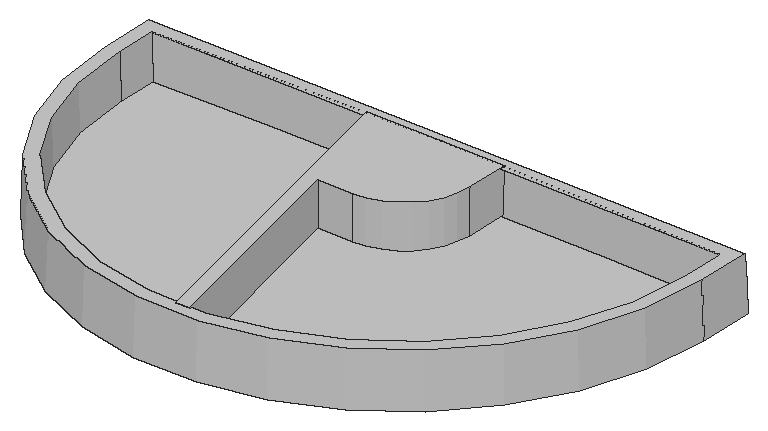
Revit family "Human_Solution-UPLIFT_Desk_Storage-STR007", category Furniture, Revit 2014
Parameters (values of type "Storage STR007")
  Width = 13 107/128"
  Unit = HMS - Aluminum
  URL = "https://www.thehumansolution.com/"
  Type Comments = "Storage"  # constant formula
  Salvage or Reuse = yes
  Percentage of Recycled Content = 0
  Model = "STR007"
  Material = ""
  Manufacturer = "Human Solution"  # constant formula
  Low Emitting Material = yes
  Low Emitting Finish = yes
  Keynote = "12500"
  Height = 1 1/4"
  Description = "Storage  13.5\"W 8.5\"D 1.5\"H"
  Depth = 8 11/32"
  Assembly Code = "E2020200"
Reference planes (in)
  plane 1 "Center Front/Back": y = 0.18086
  plane 2: z = 0
  plane 3 "Center Left/Right": x = 0
  plane 4: x = -6.91797
  plane 5: x = 6.91797
  plane 6: z = 1.25
  plane 7: y = -8.16289
  plane 8: y = -3.99102
Forms (in)
  Sweep 1, solid, material "HMS - Aluminum" <- "Unit"
    path origin (0, 0, 0) x (1, 0, 0) y (0, 1, 0)
      loop
        line (-6.91797, 0.04083) -> (-6.91797, -1.24832)
        arc (-6.91797, -1.24832) -> (0, -8.16629) -> (6.91797, -1.24832) r 6.91797
        line (6.91797, -1.24832) -> (6.91797, 0.04545)
        arc (6.91797, 0.04545) -> (-0.00005, 0.18086) -> (-6.91797, 0.04083) r 173.82301
    profile origin (-6.91797, -0.60374, 0) x (1, 0, 0) y (0, 0, 1)
      loop
        line (0.04297, 1.25) -> (-0.00068, 0) -> (0.39912, 0) -> (0.35547, 1.25) -> (0.04297, 1.25)
  Extrusion 2, solid, material "HMS - Aluminum" <- "Unit"
    sketch origin (0, 0, 0) x (1, 0, 0) y (0, 1, 0)
      loop
        line (-1.71309, -0.18364) -> (0, -7.81433) -> (0.31854, -7.8066) -> (-0.83028, -2.68933) -> (-0.02758, -2.68933)
        arc (-0.02758, -2.68933) -> (1.03308, -2.24999) -> (1.47242, -1.18933) r 1.5
        line (1.47242, -1.18933) -> (1.47242, -0.18037)
        arc (1.47242, -0.18037) -> (-0.12034, -0.17469) -> (-1.71309, -0.18364) r 173.46754
    from 0.25 to 1.25
  Extrusion 3, solid, material "HMS - Aluminum" <- "Unit"
    sketch origin (0, 0, 0) x (1, 0, 0) y (0, 1, 0)
      loop
        line (-6.5625, -0.30098) -> (-6.5625, -1.24832)
        arc (-6.5625, -1.24832) -> (0, -7.81082) -> (6.5625, -1.24832) r 6.5625
        line (6.5625, -1.24832) -> (6.5625, -0.2966)
        arc (6.5625, -0.2966) -> (-0.00004, -0.17461) -> (-6.5625, -0.30098) r 173.46754
    from 0 to 0.25
Lines and regions (in)
  symbolic lines
    curve 1: arc (6.875, 0.00414, 0) -> (-0.00005, 0.13789, 0) -> (-6.875, -0.00045, 0) r 173.78004
    curve 2: line (-6.875, -0.00045, 0) -> (-6.875, -1.24832, 0)
    curve 3: arc (-6.875, -1.24832, 0) -> (0, -8.12332, 0) -> (6.875, -1.24832, 0) r 6.875
    curve 4: line (6.875, -1.24832, 0) -> (6.875, 0.00414, 0)
    curve 5: arc (6.5625, -0.2966, 0) -> (-0.00004, -0.17461, 0) -> (-6.5625, -0.30098, 0) r 173.46754
    curve 6: line (-6.5625, -0.30098, 0) -> (-6.5625, -1.24832, 0)
    curve 7: arc (-6.5625, -1.24832, 0) -> (0, -7.81082, 0) -> (6.5625, -1.24832, 0) r 6.5625
    curve 8: line (6.5625, -1.24832, 0) -> (6.5625, -0.2966, 0)
    curve 9: line (-1.71309, -0.18364, 0) -> (0, -7.81433, 0)
    curve 10: line (0.31854, -7.8066, 0) -> (-0.83028, -2.68933, 0)
    curve 11: arc (-0.02758, -2.68933, 0) -> (1.03308, -2.24999, 0) -> (1.47242, -1.18933, 0) r 1.5
    curve 12: line (-0.83028, -2.68933, 0) -> (-0.02758, -2.68933, 0)
    curve 13: line (1.47242, -1.18933, 0) -> (1.47242, -0.18037, 0)
Dimensions and locks (in)
  "Width": plane 4 to plane 5
  "Height": plane 6 to plane 2
  "Depth": plane 7 to plane 1 "Center Front/Back"
  equal spacing: plane 4, plane 3 "Center Left/Right", plane 5
  equal spacing: plane 7, plane 8, plane 1 "Center Front/Back"
  aligned and locked: level to plane 2
  aligned and locked: Extrusion 3 to level
  aligned and locked: curve 1 to Sweep 1
  aligned and locked: curve 2 to Sweep 1
  aligned and locked: curve 3 to Sweep 1
  aligned and locked: curve 5 to Extrusion 3
  aligned and locked: curve 6 to Extrusion 3
  aligned and locked: curve 7 to Extrusion 3
  aligned and locked: curve 9 to Extrusion 2
  aligned and locked: curve 10 to Extrusion 2
  aligned and locked: curve 11 to Extrusion 2
  aligned and locked: curve 12 to Extrusion 2
  aligned and locked: curve 13 to Extrusion 2
Automatic sketch dimensions
  Sweep 1 sketch curve to plane 4 = 0"
  Sweep 1 sketch curve to plane 3 "Center Left/Right" = 0"
  plane 3 "Center Left/Right" to Sweep 1 sketch curve = 0.05795"
  Sweep 1 sketch curve to plane 7 = 165.47925"
  plane 1 "Center Front/Back" to Sweep 1 sketch curve = 1.42917"
  plane 1 "Center Front/Back" to Sweep 1 sketch curve = 0.14003"
  Sweep 1 sketch curve to profile plane = 11/256"
  Sweep 1 sketch curve to Sweep 1 sketch curve = 5/16"
  level to Sweep 1 sketch curve = 1 1/4"
  profile plane to Sweep 1 sketch curve = 0.00068"
  Sweep 1 sketch curve to profile plane = 0.39912"
  level to Sweep 1 sketch curve = 0"
  Extrusion 2 sketch curve to plane 3 "Center Left/Right" = 0"
  Extrusion 2 sketch curve to plane 3 "Center Left/Right" = 0.02758"
  Extrusion 2 sketch curve to Extrusion 2 sketch curve = 0.8027"
  plane 1 "Center Front/Back" to Extrusion 2 sketch curve = 0.3645"
  Extrusion 2 sketch curve to plane 3 "Center Left/Right" = 1.71309"
  plane 3 "Center Left/Right" to Extrusion 2 sketch curve = 0.05795"
  plane 3 "Center Left/Right" to Extrusion 2 sketch curve = 1.47242"
  plane 1 "Center Front/Back" to Extrusion 2 sketch curve = 1.37019"
  Extrusion 2 sketch curve to plane 7 = 165.47925"
  plane 3 "Center Left/Right" to Extrusion 2 sketch curve = 0.31854"
  plane 7 to Extrusion 2 sketch curve = 0.3563"
  Extrusion 2 sketch curve to Extrusion 2 sketch curve = 0.00774"
  Extrusion 3 sketch curve to plane 3 "Center Left/Right" = 0"
  plane 4 to Extrusion 3 sketch curve = 91/256"
  plane 3 "Center Left/Right" to Extrusion 3 sketch curve = 0.05795"
  Extrusion 3 sketch curve to plane 7 = 165.47925"
  plane 1 "Center Front/Back" to Extrusion 3 sketch curve = 1.42917"
  plane 1 "Center Front/Back" to Extrusion 3 sketch curve = 0.48184"
  curve 9 to plane 3 "Center Left/Right" = 0"
  plane 1 "Center Front/Back" to curve 9 = 0.3645"
  plane 7 to curve 9 = 0.34856"
  curve 12 to plane 3 "Center Left/Right" = 0.83028"
  curve 12 to plane 3 "Center Left/Right" = 0.02758"
  plane 8 to curve 10 = 1.30168"
  curve 7 to curve 11 = 0.05898"
  plane 3 "Center Left/Right" to curve 10 = 0.31854"
  curve 9 to curve 10 = 0.00774"
